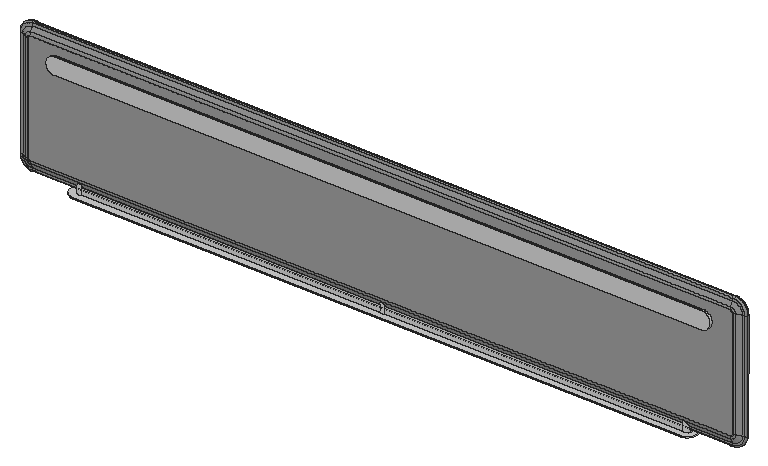
Revit family "Haworth_ComposeEcho_AccessoryFrame", category Furniture Systems, Revit 2019 (continued)
Definition of nested family "Haworth_ComposeEcho_AccessoryFrame_PART_Screen"
  Definition of nested family "Haworth_ComposeEcho_AccessoryFrame_PART_Screen27"
    Forms (in)
      Sweep 2, solid, material <- "Screen Finish"
        path origin (0, 0, 0) x (1, 0, 0) y (0, 0, 1)
          loop
            arc (-40.40457, 68.91328) -> (-41.45517, 68.4781) -> (-41.89034, 67.4275) r 1.48577
            line (-41.89034, 67.4275) -> (-41.89034, 43.91392)
            arc (-41.89034, 43.91392) -> (-41.45498, 42.86286) -> (-40.40393, 42.4275) r 1.48641
        profile origin (0.09607, 0, 68.91328) x (0, 0, 1) y (0, -1, 0)
          loop
            arc (0, 0) -> (-0.00237, 0.1325) -> (-0.09925, 0.22292) r 0.16975
            line (-0.09925, 0.22292) -> (-0.39172, 0.25517)
            arc (-0.39172, 0.25517) -> (-0.65919, 0.35906) -> (-0.92197, 0.47431) r 6.69619
            arc (-0.92197, 0.47431) -> (-1.0755, 0.5294) -> (-1.23641, 0.55604) r 0.90513
            line (-1.23641, 0.55604) -> (-1.23641, 0) -> (0, 0)
      Sweep 3, solid, material <- "Screen Finish"
        path origin (0, 0, 0) x (1, 0, 0) y (0, 0, -1)
          loop
            arc (-40.40393, -42.4275) -> (-41.45498, -42.86286) -> (-41.89034, -43.91392) r 1.48641
            line (-41.89034, -43.91392) -> (-41.89034, -67.4275)
            arc (-41.89034, -67.4275) -> (-41.45517, -68.4781) -> (-40.40457, -68.91328) r 1.48577
            line (-40.40457, -68.91328) -> (40.59671, -68.91328)
            arc (40.59671, -68.91328) -> (41.64731, -68.4781) -> (42.08248, -67.4275) r 1.48577
            line (42.08248, -67.4275) -> (42.08248, -43.91392)
            arc (42.08248, -43.91392) -> (41.64712, -42.86286) -> (40.59607, -42.4275) r 1.48641
            line (40.59607, -42.4275) -> (-40.40393, -42.4275)
        profile origin (0.09607, 0, 68.91328) x (0, 0, -1) y (0, 1, 0)
          loop
            line (0, 0) -> (1.23641, 0) -> (1.23641, 0.55604)
            arc (1.23641, 0.55604) -> (1.0755, 0.5294) -> (0.92197, 0.47431) r 0.90513
            arc (0.92197, 0.47431) -> (0.65919, 0.35906) -> (0.39172, 0.25517) r 6.69619
            line (0.39172, 0.25517) -> (0.09925, 0.22292)
            arc (0.09925, 0.22292) -> (0.00237, 0.1325) -> (0, 0) r 0.16975
    Dimensions and locks (in)
      equal spacing: plane 7, plane 3 "Center L/R", plane 6
      "Interior Screen Width": plane 7 to plane 6
    Automatic sketch dimensions
      plane 6 to Extrusion 1 sketch curve = 0.000"
      plane 7 to Extrusion 1 sketch curve = 0.000"
      plane 6 to Extrusion 1 sketch curve = 0.24936"
      plane 6 to Extrusion 1 sketch curve = 0.250"
      Extrusion 1 sketch curve to plane 7 = 0.250"
      Extrusion 1 sketch curve to plane 7 = 0.24936"
      level to Extrusion 1 sketch curve = 67.67686"
      Extrusion 1 sketch curve to Extrusion 1 sketch curve = 23.51359"
      Sweep 2 sketch curve to plane 6 = 1.23641"
      plane 6 to Sweep 2 sketch curve = 0.24936"
      plane 6 to Sweep 2 sketch curve = 0.250"
      Sweep 2 sketch curve to plane 7 = 0.25001"
      Sweep 2 sketch curve to plane 7 = 0.24937"
      plane 7 to Sweep 2 sketch curve = 1.23641"
      level to Sweep 2 sketch curve = 42.4275"
      Sweep 2 sketch curve to Sweep 2 sketch curve = 23.51359"
      Sweep 2 sketch curve to plane 1 "Center F/B" = 0.000"
      profile plane to Sweep 2 sketch curve = 0.000"
      profile plane to Sweep 2 sketch curve = 0.09925"
      plane 1 "Center F/B" to Sweep 2 sketch curve = 0.06345"
      profile plane to Sweep 2 sketch curve = 0.15745"
      Sweep 2 sketch curve to Sweep 2 sketch curve = 0.29247"
      Sweep 2 sketch curve to Sweep 2 sketch curve = 0.84469"
      Sweep 2 sketch curve to Sweep 2 sketch curve = 0.06678"
      Sweep 2 sketch curve to profile plane = 1.89832"
      Sweep 2 sketch curve to plane 1 "Center F/B" = 0.34662"
      plane 1 "Center F/B" to Sweep 2 sketch curve = 0.25517"
      plane 1 "Center F/B" to Sweep 2 sketch curve = 0.55604"
      plane 1 "Center F/B" to Sweep 2 sketch curve = 6.5476"
      Sweep 3 sketch curve to plane 6 = 1.23641"
      plane 6 to Sweep 3 sketch curve = 0.24936"
      plane 6 to Sweep 3 sketch curve = 0.250"
      Sweep 3 sketch curve to plane 7 = 0.25001"
      Sweep 3 sketch curve to plane 7 = 0.24937"
      plane 7 to Sweep 3 sketch curve = 1.23641"
      level to Sweep 3 sketch curve = 68.91328"
      Sweep 3 sketch curve to Sweep 3 sketch curve = 23.51359"
      Sweep 3 sketch curve to profile plane = 0.000"  (x2)
      profile plane to Sweep 3 sketch curve = 1.89832"
      Sweep 3 sketch curve to profile plane = 0.09925"
      Sweep 3 sketch curve to profile plane = 0.15745"
      profile plane to Sweep 3 sketch curve = 0.25517"
      Sweep 3 sketch curve to Sweep 3 sketch curve = 0.29247"
      Sweep 3 sketch curve to Sweep 3 sketch curve = 0.84469"
      Sweep 3 sketch curve to Sweep 3 sketch curve = 0.06678"
      Sweep 3 sketch curve to profile plane = 0.34662"
      profile plane to Sweep 3 sketch curve = 0.06345"
      profile plane to Sweep 3 sketch curve = 0.55604"
      profile plane to Sweep 3 sketch curve = 6.5476"
Types (11): name | Rail Width | Half Rail Width | Actual Width
  24w 16h | 10.000" | 5.000" | 24.000"
  30w 16h | 16.000" | 8.000" | 30.000"
  36w 16h | 22.000" | 11.000" | 36.000"
  42w 16h | 28.000" | 14.000" | 42.000"
  48w 16h | 34.000" | 17.000" | 48.000"
  54w 16h | 40.000" | 20.000" | 54.000"
  60w 16h | 46.000" | 23.000" | 60.000"
  66w 16h | 52.000" | 26.000" | 66.000"
  72w 16h | 58.000" | 29.000" | 72.000"
  78w 16h | 64.000" | 32.000" | 78.000"
  84w 16h | 70.000" | 35.000" | 84.000"
